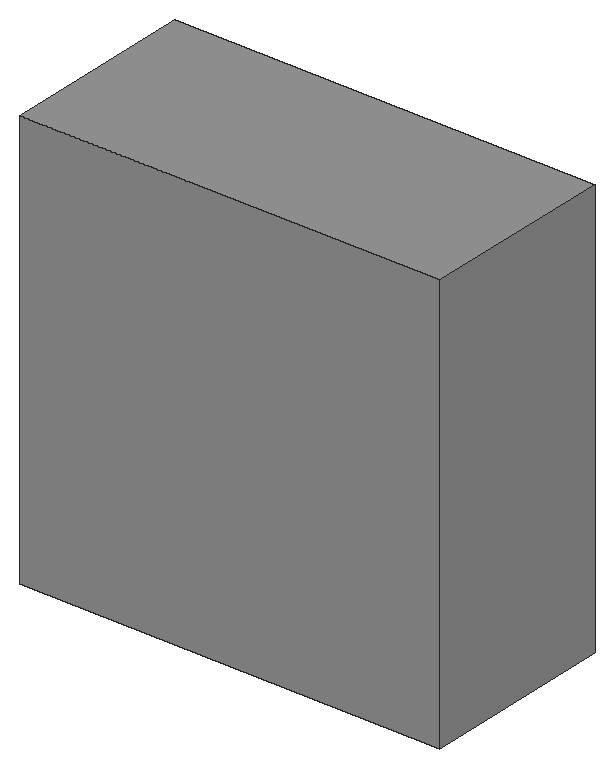
Revit family "EI_Tableau_V1700", category Elektroinstallationen, Revit 2017
Family settings
  Beschriftungsausrichtung beibehalten = Nein
  Bemaßung runder Anschluss = Durchmesser verwenden
  Teiletyp = Normal
  OmniClass-Nummer = 23.80.00.00
  OmniClass-Titel = Electric Power and Lighting
  Arbeitsebenenbasiert = Nein
  Immer vertikal = Ja
  Beim Laden mit Abzugskörper schneiden = Ja
  Gemeinsam genutzt = Nein
  Raumberechnungspunkt = Nein
Parameters (values of type "MSR")
  pbr_Material_KZ = ""
  pbr_Material = none
  pbr_E_Typ = ""
  pbr_E_KZ = ""
  pbr_DINBild = 0
  pbr_Bild = 0
  pbr_3Dx_Delta_Korrekturversatz [instance] = 0 mm
  pbr_3DX_Versatzfaktor [instance] = 0
  pbr_2DY_Versatzfaktor [instance] = 0
  pbr_2DX_Versatzfaktor [instance] = 0
  cpiFitMatchKey [instance] = "E-BM-BMPA"
  Zentrale [instance] = ""
  Wirkleistung [instance] = 0 W
  Winkel [instance] = 90.00°
  Typ [instance] = ""
  Tiefe = 37 mm
  Text3 [instance] = ""
  Text2 [instance] = ""
  Text1 [instance] = ""
  Tabelau = yes
  Spannung [instance] = 0
  Scheinleistung [instance] = 0 VA
  Schaltgruppe2 [instance] = 0
  Schaltgruppe1 [instance] = 0
  Polig [instance] = 1
  Planungsbüro Rohling = "www.pbr.de"
  Nennstrom [instance] = 0
  Menge(Dosenzahl) [instance] = 0
  Länge = Breite  # 80 mm
  Linie/Anschluss [instance] = ""
  Leistungsfaktor [instance] = 0
  Lastklassifizierung = none
  Installationsart [instance] = ""
  Info [instance] = ""
  Gleichzeitigkeitsfaktor3 [instance] = 0
  Gleichzeitigkeitsfaktor2 [instance] = 0
  Gleichzeitigkeitsfaktor1 [instance] = 0
  Gewerk [instance] = "MSR"
  Eckversatz [instance] = 0 mm
  YFrontversatz [instance] = if(pbr_2DY_Versatzfaktor = 300, 0 mm, pbr_2DY_Versatzfaktor * 300 mm)  # 0 mm
  XSeitenversatz [instance] = if(pbr_2DX_Versatzfaktor = 0, 3000 mm, 3000 mm + (pbr_2DX_Versatzfaktor * 300 mm)) + Eckversatz  # 3000 mm
  X3Dversatz [instance] = if([3DX_Versatzkontrolle] = 0, 2000 mm, 2000 mm + ([3DX_Versatzkontrolle] * (300 mm - Breite))) + pbr_3Dx_Delta_Korrekturversatz  # 2000 mm
  Niveau [instance] = 1200 mm
  Breite = 80 mm
  Anlaufstrom [instance] = 0
  3DX_Versatzkontrolle [instance] = if(pbr_3DX_Versatzfaktor = 0, (pbr_2DX_Versatzfaktor * -1), (((-1 * pbr_3DX_Versatzfaktor) + pbr_2DX_Versatzfaktor) * -1))  # 0
Reference planes
  plane 1 "Mitte (Vorne/Hinten)": y = 0
  plane 2: z = 0
  plane 3 "Mitte (Links/Rechts)": x = 22.5
  plane 4: x = -127.5
  plane 5: x = 172.5
  plane 6: y = 300
  plane 7 "Schalterhinten": y = 0
  plane 8: x = -2977.5
  plane 9: x = 22.5
  plane 10: x = -1977.5
  plane 11: x = -17.5
  plane 12: x = 62.5
  plane 13: z = 1240
  plane 14: z = 1160
  plane 15 "SchalterVorne": y = 37
  plane 16 "3DMitte": x = 22.5
  plane 17 "Achse": z = 1200
  plane 18: z = 1197.5
  plane 19: z = 1202.5
  plane 20 "2DMitte": y = 150
Forms (mm)
  Extrusion 1, solid, material "Stahl, weich, geschweißt"
    sketch origin (0, 20, 0) x (0, 0, 1) y (-1, 0, 0)
      loop
        line (1160, 17.5) -> (1160, -62.5) -> (1240, -62.5) -> (1240, 17.5) -> (1160, 17.5)
    from -17 to 20
Dimensions and locks
  locked: plane 6 to plane 7 "Schalterhinten" at 300
  "XSeitenversatz": plane 8 to plane 9
  plane 8 to plane 3 "Mitte (Links/Rechts)" = 3000 mm
  "YFrontversatz": plane 1 "Mitte (Vorne/Hinten)" to plane 7 "Schalterhinten"
  "Breite": plane 12 to plane 11
  "Länge": plane 13 to plane 14
  plane 9 to plane 10 = 2000 mm
  equal spacing: plane 12, plane 16 "3DMitte", plane 11
  "X3Dversatz": plane 16 "3DMitte" to plane 10
  equal spacing: plane 13, plane 17 "Achse", plane 14
  "Niveau": plane 17 "Achse" to level
  "Tiefe": plane 15 "SchalterVorne" to plane 1 "Mitte (Vorne/Hinten)"
  plane 13 to plane 18 = 42.5 mm
  plane 19 to plane 14 = 42.5 mm
  equal spacing: plane 4, plane 9, plane 5, locked at 150 each
  locked: plane 4 to plane 5 at 300
  equal spacing: plane 6, plane 20 "2DMitte", plane 7 "Schalterhinten", locked at 150 each
  aligned and locked: level to plane 2
  aligned and locked: Extrusion 1 sketch curve to plane 14
  aligned and locked: Extrusion 1 sketch curve to plane 11
  aligned and locked: Extrusion 1 sketch curve to plane 13
  aligned and locked: plane 12 to Extrusion 1 sketch curve
  aligned and locked: plane 1 "Mitte (Vorne/Hinten)" to Extrusion 1
  aligned and locked: Extrusion 1 to plane 15 "SchalterVorne"
  aligned and locked: nested 1 to plane 7 "Schalterhinten"
  aligned and locked: nested 1 to plane 9
Nested families
  nested 1: "Tableau (MSR)" at (22.5, 0, 0), visible <- "Tabelau", type "Tableau (MSR)"
Connectors
  electrical at (22.5, 0, 1200)
    settings: on Extrusion 1, index 1, voltage 0 V, apparent load 0 VA, apparent load phase1 0 VA, apparent load phase2 0 VA, apparent load phase3 0 VA, power factor 1, load classification "Sonstige", number of poles 1, system type 31, power factor state 1, is connector primary yes, connector utility no, sub classification motor no, connector description ""
Definition of nested family "Tableau (MSR)"
  Reference planes
    plane 1 "Mitte (Vorne/Hinten)": y = 0
    plane 2: z = 0
    plane 3 "Mitte (Links/Rechts)": x = 0
  Lines and regions (mm)
    detail lines, in view "Referenzebene"
      curve 1: circle (70.179, 210, 0) r 25 normal (0, 0, 1)
      curve 2: circle (70.179, 135, 0) r 25 normal (0, 0, 1)
      curve 3: circle (70.179, 60, 0) r 25 normal (0, 0, 1)
      curve 4: circle (-119.821, 150, 0) r 100 normal (0, 0, 1)
      curve 5: line (0.179, 0, 0) -> (-269.821, 0, 0)
      curve 6: line (-269.821, 0, 0) -> (-269.821, 270, 0)
      curve 7: line (-269.821, 270, 0) -> (270.179, 270, 0)
      curve 8: line (270.179, 270, 0) -> (270.179, 0, 0)
      curve 9: line (270.179, 0, 0) -> (0.179, 0, 0)
      curve 10: line (120.179, 235, 0) -> (120.179, 185, 0)
      curve 11: line (120.179, 185, 0) -> (220.179, 185, 0)
      curve 12: line (220.179, 185, 0) -> (220.179, 235, 0)
      curve 13: line (220.179, 235, 0) -> (120.179, 235, 0)
      curve 14: line (120.179, 160, 0) -> (120.179, 110, 0)
      curve 15: line (120.179, 110, 0) -> (220.179, 110, 0)
      curve 16: line (220.179, 110, 0) -> (220.179, 160, 0)
      curve 17: line (220.179, 160, 0) -> (120.179, 160, 0)
      curve 18: line (120.179, 85, 0) -> (120.179, 35, 0)
      curve 19: line (120.179, 35, 0) -> (220.179, 35, 0)
      curve 20: line (220.179, 35, 0) -> (220.179, 85, 0)
      curve 21: line (220.179, 85, 0) -> (120.179, 85, 0)
      curve 22: line (-49.111, 220.711, 0) -> (-190.532, 79.289, 0)
      curve 23: line (-190.532, 220.711, 0) -> (-49.111, 79.289, 0)
      curve 24: line (-119.821, 10, 0) -> (-219.821, 10, 0)
      curve 25: line (-219.821, 10, 0) -> (-219.821, 40, 0)
      curve 26: line (-219.821, 40, 0) -> (-19.821, 40, 0)
      curve 27: line (-19.821, 40, 0) -> (-19.821, 20, 0)
      curve 28: line (-19.821, 20, 0) -> (-19.821, 10, 0)
      curve 29: line (-19.821, 10, 0) -> (-119.821, 10, 0)
